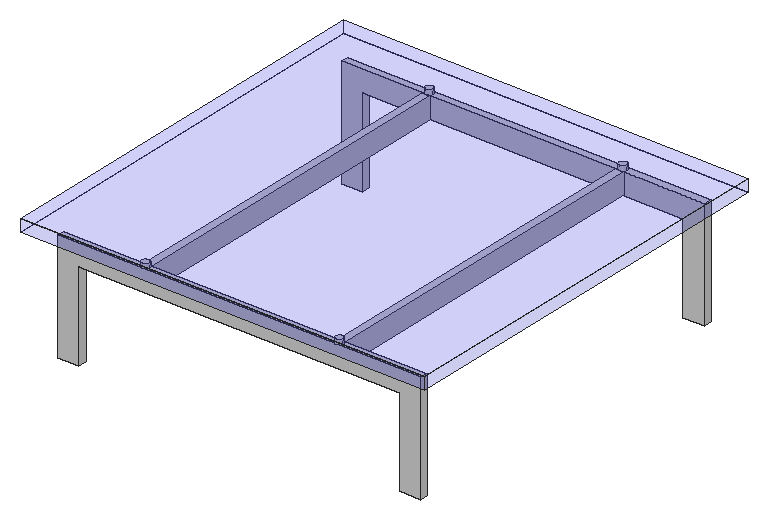
Revit family "Metrocubo Table-LivingDivani", category Furniture, Revit 2013
Parameters (values of type "H30 96x96cm")
  URL = "http://www.livingdivani.it"
  Model = "Metro cubo"
  Mat. Vetro = Vetro
  Mat. Struttura = Steel, Polished
  Manufacturer = "LivingDivani"
  Lunghezza = 96 cm
  Larghezza = 96 cm
  Codice prodotto = "MECV0963"
  Asta Centrale = Lunghezza > 100 cm  # no
  Altezza = 30 cm
Types (7, lengths in cm): name | Lunghezza | Larghezza | Codice prodotto | Asta Centrale | Altezza
  (no name) | 96 | 96 | "MECV0963" | no | 30
  H17.2 96x96cm | 96 | 96 | "MECV096" | no | 17.2
  H30 96x96cm | 96 | 96 | "MECV0963" | no | 30
  H17.2 96x160 | 160 | 96 | "MECV160" | yes | 17.2
  H30 96x160cm | 160 | 96 | "MECV1603" | yes | 30
  H30 160x160cm | 160 | 160 | "MECV16023" | yes | 30
  H17.2 160x160cm | 160 | 160 | "MECV1602" | yes | 17.2
Reference planes (cm)
  plane 1 "Centro (Fronte/Retro)": y = 0
  plane 2: z = 0
  plane 3 "Centro (Sinistra/Destra)": x = 0
  plane 4: y = 48
  plane 5: y = -48
  plane 6: y = 43
  plane 7: x = -48
  plane 8: x = 48
  plane 9: z = 30
  plane 10: y = -75
  plane 11: x = -23
  plane 12: x = 23
Forms (cm)
  Extrusion 1, solid, material "Vetro" <- "Mat. Vetro"
    sketch origin (0, 0, 0) x (1, 0, 0) y (0, 1, 0)
      loop
        line (-48, 48) -> (-48, -48) -> (48, -48) -> (48, 48) -> (-48, 48)
    from 27 to 30
  Extrusion 2, solid, material "Steel, Polished" <- "Mat. Struttura"
    sketch origin (0, -41.8, 0) x (1, 0, 0) y (0, 0, 1)
      loop
        line (-43, 0) -> (-38, 0) -> (-38, 21) -> (38, 21) -> (38, 0) -> (43, 0) -> (43, 26) -> (-43, 26) -> (-43, 0)
    from -0.6 to 1.2
  Extrusion 3, solid, material "Steel, Polished" <- "Mat. Struttura"
    sketch origin (0, 43, 0) x (1, 0, 0) y (0, 0, 1)
      loop
        line (-43, 0) -> (-38, 0) -> (-38, 21) -> (38, 21) -> (38, 0) -> (43, 0) -> (43, 26) -> (-43, 26) -> (-43, 0)
    from 0 to 1.8
  Extrusion 4, solid, material "Steel, Polished" <- "Mat. Struttura"
    sketch origin (-43, -41.8, 26) x (1, 0, 0) y (0, 1, 0)
      loop
        line (19.1, 83) -> (19.1, 0.6) -> (20.9, 0.6) -> (20.9, 83) -> (19.1, 83)
    from -5 to 0
  Extrusion 5, solid, material "Steel, Polished" <- "Mat. Struttura"
    sketch origin (-43, -41.8, 26) x (1, 0, 0) y (0, 1, 0)
      loop
        line (65.1, 83) -> (65.1, 0.6) -> (66.9, 0.6) -> (66.9, 83) -> (65.1, 83)
    from -5 to 0
  Extrusion 6, solid, material "Steel, Polished" <- "Mat. Struttura", visible <- "Asta Centrale"
    sketch origin (-43, 43, 26) x (1, 0, 0) y (0, 1, 0)
      loop
        line (42.1, -1.8) -> (42.1, -84.2) -> (43.9, -84.2) -> (43.9, -1.8) -> (42.1, -1.8)
    from -5 to 0
  Extrusion 7, solid, material "Steel, Polished" <- "Mat. Struttura"
    sketch origin (-43, -41.8, 26) x (1, 0, 0) y (0, 1, 0)
      loop
        circle (20, 83.9) r 0.9
    from 0 to 1
  Extrusion 8, solid, material "Steel, Polished" <- "Mat. Struttura"
    sketch origin (-43, -41.8, 26) x (1, 0, 0) y (0, 1, 0)
      loop
        circle (20, -0.3) r 0.9
    from 0 to 1
  Extrusion 9, solid, material "Steel, Polished" <- "Mat. Struttura", visible <- "Asta Centrale"
    sketch origin (-43, 43, 26) x (1, 0, 0) y (0, 1, 0)
      loop
        circle (43, -0.9) r 0.9
    from 0 to 1
  Extrusion 10, solid, material "Steel, Polished" <- "Mat. Struttura", visible <- "Asta Centrale"
    sketch origin (-43, 43, 26) x (1, 0, 0) y (0, 1, 0)
      loop
        circle (43, -85.1) r 0.9
    from 0 to 1
  Extrusion 11, solid, material "Steel, Polished" <- "Mat. Struttura"
    sketch origin (-43, -41.8, 26) x (1, 0, 0) y (0, 1, 0)
      loop
        circle (66, 83.9) r 0.9
    from 0 to 1
  Extrusion 12, solid, material "Steel, Polished" <- "Mat. Struttura"
    sketch origin (-43, -41.8, 26) x (1, 0, 0) y (0, 1, 0)
      loop
        circle (66, -0.3) r 0.9
    from 0 to 1
  Revolve 13, solid, material "Steel, Polished" <- "Mat. Struttura", visible <- "Asta Centrale"
    sketch origin (0, 0, 0) x (1, 0, 0) y (0, 0, 1)
      loop
        line (0, 27) -> (0, 26) -> (0.9, 26) -> (0.9, 27) -> (0, 27)
      axis (0, 27) -> (0, 26)
    angle from 0 to 360
Cuts and joins
  joined: Extrusion 2, Extrusion 3
Dimensions and locks (cm)
  locked: plane 4 to Extrusion 3 at 5
  locked: Extrusion 3 to Extrusion 3 at 1.8
  locked: Extrusion 2 to Extrusion 2 at 1.8
  locked: plane 5 to Extrusion 2 at 5
  locked: plane 4 to plane 6 at 5
  locked: Extrusion 1 to Extrusion 1 at 3  (x2)
  locked: cut or joined group of Extrusion 2, Extrusion 3 to cut or joined group of Extrusion 2, Extrusion 3 at 5  (x4)
  "Altezza": plane 9 to plane 2
  locked: plane 9 to cut or joined group of Extrusion 2, Extrusion 3 at 4
  locked: cut or joined group of Extrusion 2, Extrusion 3 to plane 9 at 4
  "Lunghezza": plane 7 to plane 8
  "Larghezza": plane 5 to plane 4
  equal spacing: plane 5, plane 1 "Centro (Fronte/Retro)", plane 4
  plane 8 to cut or joined group of Extrusion 2, Extrusion 3 = 5 cm
  equal spacing: plane 7, plane 3 "Centro (Sinistra/Destra)", plane 8
  Extrusion 6 to plane 3 "Centro (Sinistra/Destra)" to Extrusion 6 = 0.9 cm locked, 0.9 cm locked
  equal spacing: cut or joined group of Extrusion 2, Extrusion 3, plane 1 "Centro (Fronte/Retro)", cut or joined group of Extrusion 2, Extrusion 3
  aligned and locked: level to plane 2
  aligned and locked: Extrusion 1 to plane 4  (x2)
  aligned and locked: plane 5 to Extrusion 1  (x2)
  aligned and locked: Extrusion 1 to plane 7  (x2)
  aligned and locked: Extrusion 1 to plane 8
  aligned and locked: Extrusion 1 to plane 9
  aligned and locked: plane 9 to Extrusion 1
  aligned and locked: cut or joined group of Extrusion 2, Extrusion 3 to cut or joined group of Extrusion 2, Extrusion 3
  aligned and locked: Extrusion 4 to cut or joined group of Extrusion 2, Extrusion 3
  aligned and locked: Extrusion 5 to cut or joined group of Extrusion 2, Extrusion 3
  aligned and locked: Extrusion 6 to cut or joined group of Extrusion 2, Extrusion 3  (x2)
Automatic sketch dimensions
  plane 5 to Extrusion 1 sketch curve = 0 cm
  Extrusion 1 sketch curve to plane 7 = 0 cm
  Extrusion 1 sketch curve to plane 8 = 0 cm
  plane 4 to Extrusion 1 sketch curve = 0 cm
  Extrusion 2 sketch curve to level = 0 cm  (x2)
  plane 7 to Extrusion 2 sketch curve = 5 cm
  plane 9 to Extrusion 2 sketch curve = 9 cm
  Extrusion 2 sketch curve to Extrusion 2 sketch curve = 5 cm  (x2)
  plane 8 to Extrusion 2 sketch curve = 10 cm
  plane 9 to Extrusion 2 sketch curve = 4 cm
  Extrusion 3 sketch curve to level = 0 cm  (x2)
  plane 7 to Extrusion 3 sketch curve = 5 cm
  plane 9 to Extrusion 3 sketch curve = 9 cm
  Extrusion 3 sketch curve to Extrusion 3 sketch curve = 5 cm  (x2)
  plane 8 to Extrusion 3 sketch curve = 10 cm
  plane 9 to Extrusion 3 sketch curve = 4 cm
  Extrusion 2 to Extrusion 4 sketch curve = 0 cm
  Extrusion 2 to Extrusion 4 sketch curve = 19.1 cm
  Extrusion 4 sketch curve to Extrusion 2 = 82.4 cm
  Extrusion 4 sketch curve to Extrusion 4 sketch curve = 1.8 cm
  Extrusion 2 to Extrusion 5 sketch curve = 0 cm
  Extrusion 2 to Extrusion 5 sketch curve = 20.9 cm
  Extrusion 5 sketch curve to Extrusion 2 = 82.4 cm
  Extrusion 5 sketch curve to Extrusion 5 sketch curve = 1.8 cm
  Extrusion 6 sketch curve to Extrusion 3 = 0 cm
  Extrusion 3 to Extrusion 6 sketch curve = 42.1 cm
  Extrusion 6 sketch curve to Extrusion 3 = 82.4 cm
  Extrusion 6 sketch curve to Extrusion 6 sketch curve = 1.8 cm
  Extrusion 7 sketch curve to Extrusion 4 = 0.9 cm
  Extrusion 4 to Extrusion 7 sketch curve = 0.9 cm
  Extrusion 8 sketch curve to Extrusion 4 = 0.9 cm
  Extrusion 4 to Extrusion 8 sketch curve = 0.9 cm
  Extrusion 9 sketch curve to Extrusion 6 = 0.9 cm
  Extrusion 6 to Extrusion 9 sketch curve = 0.9 cm
  Extrusion 10 sketch curve to Extrusion 6 = 0.9 cm
  Extrusion 6 to Extrusion 10 sketch curve = 0.9 cm
  Extrusion 11 sketch curve to Extrusion 5 = 0.9 cm
  Extrusion 5 to Extrusion 11 sketch curve = 0.9 cm
  Extrusion 12 sketch curve to Extrusion 5 = 0.9 cm
  Extrusion 5 to Extrusion 12 sketch curve = 0.9 cm
  Revolve 13 sketch curve to plane 3 "Centro (Sinistra/Destra)" = 0 cm  (x2)
  plane 3 "Centro (Sinistra/Destra)" to Revolve 13 sketch curve = 0.9 cm
  plane 9 to Revolve 13 sketch curve = 4 cm
  Revolve 13 sketch curve to Revolve 13 sketch curve = 1 cm
  Revolve 13 sketch curve to Revolve 13 sketch curve = 0 cm  (x2)
  radius of Extrusion 7 sketch curve = 0.9 cm
  radius of Extrusion 8 sketch curve = 0.9 cm
  radius of Extrusion 9 sketch curve = 0.9 cm
  radius of Extrusion 10 sketch curve = 0.9 cm
  radius of Extrusion 11 sketch curve = 0.9 cm
  radius of Extrusion 12 sketch curve = 0.9 cm
